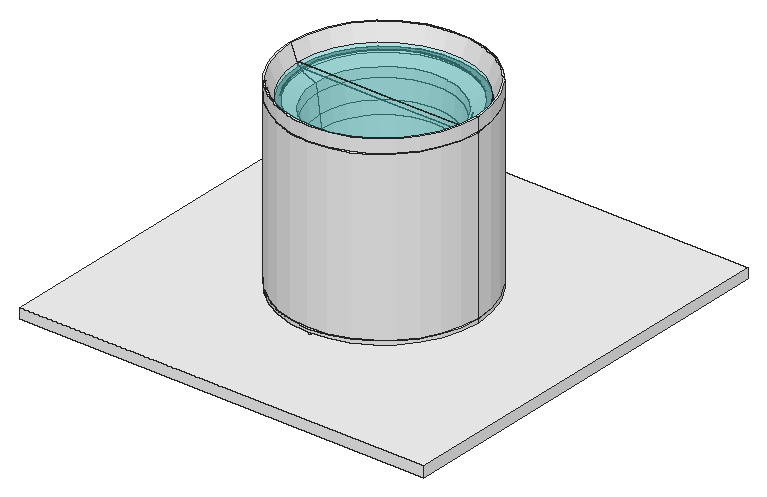
Revit family "BE_24625_de_DE", category Leuchten, Revit 2020
Family settings
  Basisbauteil = Fläche
  Bemaßung runder Anschluss = Durchmesser verwenden
  Teiletyp = Normal
  Beim Laden mit Abzugskörper schneiden = Ja
  Lichtquelle = Ja
  Gemeinsam genutzt = Nein
  Raumberechnungspunkt = Ja
Parameters (values of type "BEGA_24625_Weiß_K4")
  built-in parameter 1150104 = 16.043 (stored number, unit not read)
  Wattage = 35.7 W
  Default Elevation = 0 mm
  built-in parameter 1150113 = 1 (stored number, unit not read)
  built-in parameter 1114218 = 1 (stored number, unit not read)
  Umgebungstemperatur = "25 °C"
  URL = "https://www.bega.com/de/produkt/24625"
  Typenkommentare = "© 2022 BEGA. Wir behalten uns das Recht vor, technische Änderungen ohne vorherige Ankündigung vorzunehmen."  # constant formula
  built-in parameter 1150134 = 12
  built-in parameter 1150109 = 1 (stored number, unit not read)
  Strom = ""
  built-in parameter 1150110 = 1 (stored number, unit not read)
  Spannung = 239.996 V
  Sonderanfertigung = no
  Seriennummer [instance] = "Hier können Sie die eindeutige Seriennummer für das Facility Management eintragen."
  Schutzklasse = "I"
  Schutzart = "IP 65"
  Scheinlast = 0 VA
  Produktdatenblatt = "https://cdn.bega.com/bega/products/24625K4/current/documents/data-sheets/de"
  Oberflächentemperatur = ""
  Neigungswinkel = 0.00°
  Modell = "24625WK4"
  Material_18 = BEGA_Gummi_schwarz
  Material_17 = BEGA_Reflektor
  Material_13 = BEGA_Kunststoff_matt
  Material_09 = BEGA_Glas_klar
  Material_06 = BEGA_Oberfläche_Edelstahl_gebürstet
  Material_03 = BEGA_Oberfläche_Weiss_matt
  Material_01 [instance] = BEGA_Oberfläche_Grafit_matt
  M_W = yes
  M_G = no
  M_A = no
  Logo = 0
  built-in parameter 1114217 = 1 (stored number, unit not read)
  built-in parameter 1150139 = (empty or 0)
  built-in parameter 1150105 = 490.6 (stored number, unit not read)
  built-in parameter 1150114 = 1 (stored number, unit not read)
  Lumens = 6165.03 lm
  built-in parameter 1150115 = 1 (stored number, unit not read)
  Leuchtenlichtstrom = "4141 lm"
  Leuchtenanzahl = ""
  Lebensdauerkriterien = "L70B50 @ 25 °C = 190000 h"
  Lastklassifizierung = Beleuchtung
  built-in parameter 1150112 = 1 (stored number, unit not read)
  Lampenlichtstrom = "6165 lm"
  Lampe = "LED 35.7 W"
  LED_Modulbezeichnung = "LED-0785/840"
  built-in parameter 1150142 = (empty or 0)
  Hersteller = "BEGA"  # constant formula
  Halbstreuwinkel = ""
  Gewicht = "2.65 kg"
  Gebrauchslageneinschränkung [instance] = ""
  Frequenz = "0/50-60 Hz"
  Farbwiedergabeindex = "CRI > 80"
  Farbtemperaturverschiebung bei Dämpfen der Lampe = <Keine Auswahl>
  Farbtemperatur = "4000 K"
  Color Filter = 16777215
  built-in parameter 1150133 = 10 (stored number, unit not read)
  Energieeffizienzklasse = "LED A++ - A"
  built-in parameter 1150137 = (empty or 0)
  built-in parameter 1150132 = (empty or 0)
  ENEC = ""
  Dimmbar [instance] = "DALI"
  Datei für fotometrisches Netz = "BE_24625K4.IES"
  CE_Konformität = "ja"
  Bestellnummer = "24625WK4"
  Beschreibung_Sonderanfertigung = "Hier können Sie Informationen zur Sonderanfertigung eintragen."
  Beschreibung = "Deckenaufbau-Tiefstrahler"
  built-in parameter 1150106 = 4.906 (stored number, unit not read)
  Befestigungsbohrung = "Ø 4,3 mm"
  Befestigungsabstand = "160 mm"
  Ballwurfsicher = ""
  BEGA_Intern_aus = yes
  BEGA_Intern_an = yes
  BEGA_Intern_Konstruktion = yes
  BEGA_Intern = yes
  BEGA_IES = yes
  BEGA_Dummy = no
  Anschlussleitung = ""
  Anschlussleistung [instance] = "38.2 W"
  built-in parameter 1150107 = 4000 (stored number, unit not read)
  built-in parameter 1150102 = (empty or 0)
  built-in parameter 1150138 = (empty or 0)
  Aktualisierung = "2022-05-18T04:00:07"
  Abstand_zur_angestrahlten_Fläche [instance] = ""
  AC/DC = "AC/DC"
Types (4, lengths in mm): name | built-in parameter 1150104 | built-in parameter 1150134 | Modell | M_W | M_G | built-in parameter 1150105 | Lumens | Leuchtenlichtstrom | Lampenlichtstrom | LED_Modulbezeichnung | Farbtemperatur | Datei für fotometrisches Netz | Bestellnummer | built-in parameter 1150106 | built-in parameter 1150107
  BEGA_24625_Weiß_K4 | 16.043 (stored number, unit not read) | 12 | "24625WK4" | yes | no | 490.6 (stored number, unit not read) | 6165.03 lm | "4141 lm" | "6165 lm" | "LED-0785/840" | "4000 K" | "BE_24625K4.IES" | "24625WK4" | 4.906 (stored number, unit not read) | 4000 (stored number, unit not read)
  BEGA_24625_Weiß_K3 | 15.64 (stored number, unit not read) | (empty or 0) | "24625WK3" | yes | no | 478.27 (stored number, unit not read) | 6010.1 lm | "4037 lm" | "6010 lm" | "LED-0785/830" | "3000 K" | "BE_24625K3.IES" | "24625WK3" | 4.7827 (stored number, unit not read) | 3000 (stored number, unit not read)
  BEGA_24625_Grafit_K3 | 15.64 (stored number, unit not read) | (empty or 0) | "24625K3" | no | yes | 478.27 (stored number, unit not read) | 6010.1 lm | "4037 lm" | "6010 lm" | "LED-0785/830" | "3000 K" | "BE_24625K3.IES" | "24625K3" | 4.7827 (stored number, unit not read) | 3000 (stored number, unit not read)
  BEGA_24625_Grafit_K4 | 16.043 (stored number, unit not read) | 12 | "24625K4" | no | yes | 490.6 (stored number, unit not read) | 6165.03 lm | "4141 lm" | "6165 lm" | "LED-0785/840" | "4000 K" | "BE_24625K4.IES" | "24625K4" | 4.906 (stored number, unit not read) | 4000 (stored number, unit not read)
Reference planes
  plane 1 "Mitte (Vorne/Hinten)": y = 0
  plane 2: z = 0
  plane 3 "Mitte (Links/Rechts)": x = 0
  plane 4 "Links": x = -93.494
  plane 5 "Rechts": x = 93.51
  plane 6 "Unten": y = -93.509
  plane 7 "Oben": y = 93.496
  plane 8 "Vorne": z = 184.4
  plane 9 "Hinten": z = 0
Forms (mm)
  Extrusion 1, solid, material "BEGA_Platte_Weiss"
    sketch origin (0, -1119.2, 0) x (1, 0, 0) y (0, 1, 0)
      loop
        line (-200, 1319.2) -> (-200, 919.2) -> (200, 919.2) -> (200, 1319.2) -> (-200, 1319.2)
    from 0 to -10
  Extrusion 2, solid, material "BEGA_Dummy_matt", visible <- "BEGA_Dummy"
    sketch origin (77.149, -76.023, 0) x (1, 0, 0) y (0, 1, 0)
      loop
        circle (-77.149, 76.023) r 93.5
    from 0 to 184.4
Dimensions and locks
  plane 1 "Mitte (Vorne/Hinten)" to Extrusion 1 = 200 mm
  aligned and locked: plane 2 to Extrusion 1
  aligned and locked: level to Extrusion 1
Nested families
  nested 1: "BE_24625" at (0, -30.348, 0), type "BE_24625"
Connectors
  electrical at (0, 0, 0), driven by "Lastklassifizierung", driven by "Spannung", driven by "Scheinlast"
    settings: index 1, voltage 239.996 V, apparent load 0 VA, apparent load phase1 0 VA, apparent load phase2 0 VA, apparent load phase3 0 VA, power factor 1, load classification "Beleuchtung", number of poles 1, system type 31, power factor state 1, is connector primary yes, connector utility no, sub classification motor no, connector description ""
Definition of nested family "BE_24625"
  Parameters (values of type "BE_24625")
    Material_18 = none
    Default Elevation = 1 mm
    URL = "http://www.bega.de/de/produkt"
    Type Comments = "© 2015 BEGA. Wir behalten uns das Recht vor, technische Änderungen ohne vorherige Ankündigung vorzunehmen. "  # constant formula
    Type Image = (empty or 0)
    Neigungswinkel_um_Z2 = 0.00°
    Neigungswinkel_um_Z1 = 0.00°
    Neigungswinkel_um_Y2 = 0.00°
    Neigungswinkel_um_Y1 = 0.00°
    Neigungswinkel_um_X2 = 0.00°
    Neigungswinkel_um_X1 = 0.00°
    Material_17 = none
    Material_15 = none
    Material_13 = none
    Material_11 = none
    Material_09 = none
    Material_06 = none
    Material_03 = none
    Material_02 = none
    Material_01 = none
    M_W = no
    M_G = yes
    M_A = no
    Länge_Platte = 200 mm  # constant formula
    Höhe_Platte = -10 mm  # constant formula
    Manufacturer = "BEGA"  # constant formula
    Drehwinkel_um_Z2 = 0.00°
    Drehwinkel_um_Z1 = 0.00°
    Breite_Platte = 200 mm  # constant formula
  Reference planes
    plane 1 "Mitte (Oben/Unten)": y = 30.348
    plane 2: z = 0
    plane 3 "Mitte (Links/Rechts)": x = 0
    plane 4 "Hinten": z = 0
    plane 5 "Links": x = -93.494
    plane 6 "Rechts": x = 93.51
    plane 7 "Unten": y = -63.161
    plane 8: z = 184.4
    plane 9: y = 123.844
  Forms (mm)
    Extrusion 1, solid, detail levels medium
      sketch origin (0, 0, 0) x (1, 0, 0) y (0, 1, 0)
        loop
          line (-100, 130.348) -> (-100, -69.652) -> (100, -69.652) -> (100, 130.348) -> (-100, 130.348)
      from 0 to -10 <- "Höhe_Platte"
    Revolve 2, solid, material <- "Material_01", visible <- "M_G"
      sketch origin (0, 30.348, 0) x (1, 0, 0) y (0, 0, 1)
        loop
          line (-93.5, 184.4) -> (-93.5, 171.4) -> (-90.5, 171.4) -> (-90.5, 157.9) -> (-86.309, 157.9) -> (-86.309, 163.4) -> (-81, 163.4) -> (-81, 165.9) -> (-84.806, 165.9) -> (-92, 184.4) -> (-93.5, 184.4)
        axis (0, 184.4) -> (0, 157.9)
      angle from 0 to 360
    Revolve 3, solid, material <- "Material_09"
      sketch origin (0, 30.348, 0) x (1, 0, 0) y (0, 0, 1)
        loop
          line (-84.5, 170) -> (-84.5, 165.9) -> (0, 165.9) -> (0, 170) -> (-84.5, 170)
        axis (0, 170) -> (0, 165.9)
      angle from 0 to 360
    Revolve 4, solid, material <- "Material_17"
      sketch origin (0, 30.348, 0) x (1, 0, 0) y (0, 0, 1)
        loop
          line (-67.298, 158.081) -> (-81.5, 163.25) -> (-84.993, 163.25) -> (-84.993, 161.45) -> (-81.5, 161.45) -> (-68.952, 156.883) -> (-65.975, 135.054) -> (-64.388, 123.512)
          arc (-64.388, 123.512) -> (-61.788, 104.602) -> (-58.436, 85.811) r 478.951
          arc (-58.436, 85.811) -> (-56.044, 81.798) -> (-52.313, 78.984) r 12.149
          arc (-52.313, 78.984) -> (-46.14, 76.318) -> (-39.854, 73.925) r 152.874
          line (-39.854, 73.925) -> (-33.098, 73.452) -> (-29.03, 73.452) -> (-29.03, 75.254) -> (-33.052, 75.254) -> (-39.457, 75.702)
          arc (-39.457, 75.702) -> (-45.725, 78.152) -> (-51.819, 81.006) r 103.102
          arc (-51.819, 81.006) -> (-56.463, 86.082) -> (-56.637, 92.96) r 9.82
          arc (-56.637, 92.96) -> (-59.551, 105.872) -> (-61.93, 118.894) r 320.512
          line (-61.93, 118.894) -> (-63.611, 131.069) -> (-66.107, 149.331) -> (-67.298, 158.081)
        axis (0, 163.25) -> (0, 73.452)
      angle from 0 to 360
    Revolve 5, solid, material <- "Material_13"
      sketch origin (0, 30.348, 0) x (1, 0, 0) y (0, 0, 1)
        loop
          line (-30, 101.169) -> (-30.905, 75.25) -> (-28, 75.25) -> (-27.162, 99.25) -> (0, 99.25) -> (0, 103.646) -> (-2.845, 103.646) -> (-4.195, 103.562) -> (-27.008, 101.749) -> (-30, 101.169)
        axis (0, 103.646) -> (0, 75.25)
      angle from 0 to 360
    Revolve 6, solid, material <- "Material_01", visible <- "M_G"
      sketch origin (0, 30.348, 0) x (1, 0, 0) y (0, 0, 1)
        loop
          line (-93.5, 170.4) -> (-93.5, 6) -> (-91.5, 6) -> (-91.5, 170.4) -> (-93.5, 170.4)
        axis (0, 170.4) -> (0, 6)
      angle from 0 to 360
    Revolve 7, solid, material <- "Material_01", visible <- "M_G"
      sketch origin (-80, 30.348, 0) x (1, 0, 0) y (0, 0, 1)
        loop
          line (-7.948, 20) -> (-7.25, 0) -> (0, 0) -> (0, 20) -> (-7.948, 20)
        axis (0, 20) -> (0, 0)
      angle from 0 to 360
    Revolve 8, solid, material <- "Material_01", visible <- "M_G"
      sketch origin (80, 30.348, 0) x (1, 0, 0) y (0, 0, 1)
        loop
          line (-7.948, 20) -> (-7.25, 0) -> (0, 0) -> (0, 20) -> (-7.948, 20)
        axis (0, 20) -> (0, 0)
      angle from 0 to 360
    Revolve 9, void
      sketch origin (-80, 30.348, 0) x (1, 0, 0) y (0, 0, 1)
        loop
          line (0, 50) -> (-2.441, 50) -> (-2.441, -6.32) -> (0, -6.32) -> (0, 50)
        axis (0, 50) -> (0, -6.32)
      angle from 0 to 360
    Revolve 10, void
      sketch origin (80, 30.348, 0) x (1, 0, 0) y (0, 0, 1)
        loop
          line (0, 50.705) -> (0, -12.616) -> (2.373, -12.616) -> (2.373, 50.705) -> (0, 50.705)
        axis (0, 50.705) -> (0, -12.616)
      angle from 0 to 360
    Revolve 11, solid, material <- "Material_03", visible <- "M_W"
      sketch origin (0, 30.348, 0) x (1, 0, 0) y (0, 0, 1)
        loop
          line (-93.5, 184.4) -> (-93.5, 171.4) -> (-90.5, 171.4) -> (-90.5, 157.9) -> (-86.309, 157.9) -> (-86.309, 163.4) -> (-81, 163.4) -> (-81, 165.9) -> (-84.806, 165.9) -> (-92, 184.4) -> (-93.5, 184.4)
        axis (0, 184.4) -> (0, 157.9)
      angle from 0 to 360
    Revolve 12, solid, material <- "Material_03", visible <- "M_W"
      sketch origin (0, 30.348, 0) x (1, 0, 0) y (0, 0, 1)
        loop
          line (-93.5, 170.4) -> (-93.5, 6) -> (-91.5, 6) -> (-91.5, 170.4) -> (-93.5, 170.4)
        axis (0, 170.4) -> (0, 6)
      angle from 0 to 360
    Revolve 13, solid, material <- "Material_03", visible <- "M_W"
      sketch origin (0, 30.348, 0) x (1, 0, 0) y (0, 0, 1)
        loop
          line (-93.5, 5) -> (-93.5, 2) -> (-87.096, 2) -> (-87.096, 20) -> (0, 20) -> (0, 23) -> (-90.5, 23) -> (-90.5, 5) -> (-93.5, 5)
        axis (0, 23) -> (0, 2)
      angle from 0 to 360
    Revolve 14, solid, material <- "Material_03", visible <- "M_W"
      sketch origin (-80, 30.348, 0) x (1, 0, 0) y (0, 0, 1)
        loop
          line (-7.948, 20) -> (-7.25, 0) -> (0, 0) -> (0, 20) -> (-7.948, 20)
        axis (0, 20) -> (0, 0)
      angle from 0 to 360
    Revolve 15, solid, material <- "Material_03", visible <- "M_W"
      sketch origin (80, 30.348, 0) x (1, 0, 0) y (0, 0, 1)
        loop
          line (-7.948, 20) -> (-7.25, 0) -> (0, 0) -> (0, 20) -> (-7.948, 20)
        axis (0, 20) -> (0, 0)
      angle from 0 to 360
    Revolve 16, solid, material <- "Material_01", visible <- "M_G"
      sketch origin (0, 30.348, 0) x (0, -1, 0) y (0, 0, 1)
        loop
          line (-90.5, 0) -> (-90.5, 1.978) -> (-92.284, 1.978) -> (-92.284, 0) -> (-90.5, 0)
        axis (-90.5, 0) -> (-90.5, 1.978)
      angle from 0 to 360
    Revolve 17, solid, material <- "Material_01", visible <- "M_G"
      sketch origin (0, -1.467, -0.001) x (0, 1, 0) y (0, 0, -1)
        loop
          line (-58.661, 0) -> (-60.445, 0) -> (-60.445, -1.978) -> (-58.661, -1.978) -> (-58.661, 0)
        axis (-58.661, 0) -> (-58.661, -1.978)
      angle from 0 to 360
    Revolve 18, solid, material <- "Material_01", visible <- "M_G"
      sketch origin (0, 30.348, 0) x (1, 0, 0) y (0, 0, 1)
        loop
          line (-93.5, 5) -> (-93.5, 2) -> (-87.096, 2) -> (-87.096, 20) -> (0, 20) -> (0, 23) -> (-90.5, 23) -> (-90.5, 5) -> (-93.5, 5)
        axis (0, 23) -> (0, 2)
      angle from 0 to 360
    Revolve 19, solid, material <- "Material_03", visible <- "M_W"
      sketch origin (0, -1.471, 0.011) x (0, 1, 0) y (0, 0, -1)
        loop
          line (-58.661, 0) -> (-60.445, 0) -> (-60.445, -1.978) -> (-58.661, -1.978) -> (-58.661, 0)
        axis (-58.661, 0) -> (-58.661, -1.978)
      angle from 0 to 360
    Revolve 20, solid, material <- "Material_03", visible <- "M_W"
      sketch origin (0, 30.348, 0) x (0, -1, 0) y (0, 0, 1)
        loop
          line (-90.5, -0.045) -> (-90.5, 1.978) -> (-92.284, 1.978) -> (-92.284, -0.045) -> (-90.5, -0.045)
        axis (-90.5, -0.045) -> (-90.5, 1.978)
      angle from 0 to 360
    Extrusion 21, solid, material <- "Material_18"
      sketch origin (0, 0, 0) x (1, 0, 0) y (0, 1, 0)
        loop
          circle (20, 95.348) r 9.944
        loop
          circle (-20, 95.348) r 9.944
      from 18.853 to 26.971
    Revolve 22, solid, material <- "Material_01"
      sketch origin (0, 30.348, 0) x (1, 0, 0) y (0, 0, 1)
        loop
          line (-84.5, 165.9) -> (-79.956, 165.9) -> (-79.956, 166.7) -> (-84.5, 166.7) -> (-84.5, 165.9)
        axis (0, 166.7) -> (0, 165.7)
      angle from 0 to 360
  Cuts and joins
    Revolve 9 cuts Revolve 7
    Revolve 10 cuts Revolve 8
    Revolve 9 cuts Revolve 14
    Revolve 10 cuts Revolve 15
    Revolve 9, Revolve 10 cuts Revolve 18
    Revolve 9 cuts Revolve 13
  Dimensions and locks
    equal spacing: Extrusion 1 sketch curve, plane 3 "Mitte (Links/Rechts)", Extrusion 1 sketch curve
    equal spacing: Extrusion 1 sketch curve, plane 1 "Mitte (Oben/Unten)", Extrusion 1 sketch curve
    "Länge_Platte": Extrusion 1 sketch curve to Extrusion 1 sketch curve
    "Breite_Platte": Extrusion 1 sketch curve to Extrusion 1 sketch curve
    aligned and locked: Extrusion 1 to plane 2
    aligned and locked: level to Extrusion 1
  Automatic sketch dimensions
    Revolve 2 sketch curve to plane 8 = 0 mm
    plane 3 "Mitte (Links/Rechts)" to Revolve 2 sketch curve = 0 mm
    plane 5 "Links" to Revolve 2 sketch curve = 12.494 mm
    Revolve 2 sketch curve to Revolve 2 sketch curve = 3.806 mm
    Revolve 2 sketch curve to Revolve 2 sketch curve = 1.504 mm
    plane 5 "Links" to Revolve 2 sketch curve = 2.994 mm
    plane 5 "Links" to Revolve 2 sketch curve = 1.494 mm
    Revolve 2 sketch curve to plane 5 "Links" = 0.006 mm
    Revolve 2 sketch curve to plane 8 = 13 mm
    Revolve 2 sketch curve to Revolve 2 sketch curve = 5.5 mm  (x2)
    Revolve 2 sketch curve to Revolve 2 sketch curve = 2.5 mm
    Revolve 2 sketch curve to level = 174.158 mm
    plane 8 to Revolve 2 sketch curve = 221.032 mm
    Revolve 3 sketch curve to plane 3 "Mitte (Links/Rechts)" = 0 mm  (x2)
    plane 5 "Links" to Revolve 3 sketch curve = 8.994 mm
    Revolve 3 sketch curve to plane 8 = 18.5 mm
    Revolve 3 sketch curve to Revolve 3 sketch curve = 4.1 mm
    Revolve 3 sketch curve to level = 174.158 mm
    plane 8 to Revolve 3 sketch curve = 221.032 mm
    plane 3 "Mitte (Links/Rechts)" to Revolve 4 sketch curve = 0 mm
    Revolve 4 sketch curve to plane 3 "Mitte (Links/Rechts)" = 5.07 mm
    Revolve 4 sketch curve to plane 3 "Mitte (Links/Rechts)" = 29.03 mm
    Revolve 4 sketch curve to Revolve 4 sketch curve = 4.022 mm
    Revolve 4 sketch curve to Revolve 4 sketch curve = 0.045 mm
    Revolve 4 sketch curve to Revolve 4 sketch curve = 6.405 mm
    Revolve 4 sketch curve to Revolve 4 sketch curve = 0.397 mm
    Revolve 4 sketch curve to Revolve 4 sketch curve = 7.542 mm
    Revolve 4 sketch curve to Revolve 4 sketch curve = 0.356 mm
    plane 5 "Links" to Revolve 4 sketch curve = 31.563 mm
    Revolve 4 sketch curve to Revolve 4 sketch curve = 2.458 mm
    plane 5 "Links" to Revolve 4 sketch curve = 26.196 mm
    Revolve 4 sketch curve to Revolve 4 sketch curve = 1.654 mm
    plane 5 "Links" to Revolve 4 sketch curve = 11.994 mm
    Revolve 4 sketch curve to Revolve 4 sketch curve = 0 mm  (x7)
    Revolve 4 sketch curve to Revolve 4 sketch curve = 3.493 mm
    plane 3 "Mitte (Links/Rechts)" to Revolve 4 sketch curve = 11.377 mm
    Revolve 4 sketch curve to plane 8 = 14.433 mm
    plane 6 "Rechts" to Revolve 4 sketch curve = 160.976 mm
    Revolve 4 sketch curve to plane 8 = 5.118 mm
    Revolve 4 sketch curve to Revolve 4 sketch curve = 156.819 mm
    Revolve 4 sketch curve to plane 8 = 21.15 mm
    Revolve 4 sketch curve to Revolve 4 sketch curve = 1.8 mm
    Revolve 4 sketch curve to Revolve 4 sketch curve = 3.369 mm
    Revolve 4 sketch curve to Revolve 4 sketch curve = 1.198 mm
    Revolve 4 sketch curve to Revolve 4 sketch curve = 33.371 mm
    Revolve 4 sketch curve to Revolve 4 sketch curve = 4.618 mm
    Revolve 4 sketch curve to Revolve 4 sketch curve = 28.984 mm
    Revolve 4 sketch curve to Revolve 4 sketch curve = 0.157 mm
    Revolve 4 sketch curve to Revolve 4 sketch curve = 14.208 mm
    Revolve 4 sketch curve to Revolve 4 sketch curve = 0.448 mm
    Revolve 4 sketch curve to Revolve 4 sketch curve = 1.777 mm
    Revolve 4 sketch curve to Revolve 4 sketch curve = 1.801 mm
    Revolve 4 sketch curve to plane 8 = 11.5 mm
    plane 8 to Revolve 4 sketch curve = 33.558 mm
    Revolve 4 sketch curve to Revolve 4 sketch curve = 4.464 mm
    Revolve 4 sketch curve to Revolve 4 sketch curve = 0.495 mm
    Revolve 4 sketch curve to Revolve 4 sketch curve = 0.776 mm
    Revolve 4 sketch curve to Revolve 4 sketch curve = 2.363 mm
    Revolve 4 sketch curve to Revolve 4 sketch curve = 2.844 mm
    Revolve 4 sketch curve to Revolve 4 sketch curve = 7.552 mm
    Revolve 4 sketch curve to Revolve 4 sketch curve = 11.542 mm
    Revolve 4 sketch curve to Revolve 4 sketch curve = 3.985 mm
    Revolve 4 sketch curve to level = 174.158 mm
    Revolve 4 sketch curve to Revolve 4 sketch curve = 192.155 mm
    Revolve 5 sketch curve to plane 3 "Mitte (Links/Rechts)" = 0 mm  (x2)
    Revolve 5 sketch curve to Revolve 5 sketch curve = 2.845 mm
    Revolve 5 sketch curve to Revolve 5 sketch curve = 1.35 mm
    Revolve 5 sketch curve to Revolve 5 sketch curve = 22.813 mm
    Revolve 5 sketch curve to Revolve 5 sketch curve = 0.154 mm
    Revolve 5 sketch curve to Revolve 5 sketch curve = 0.838 mm
    Revolve 5 sketch curve to Revolve 5 sketch curve = 2.992 mm
    Revolve 5 sketch curve to Revolve 5 sketch curve = 2.905 mm
    level to Revolve 5 sketch curve = 75.25 mm
    Revolve 5 sketch curve to Revolve 5 sketch curve = 24 mm
    Revolve 5 sketch curve to Revolve 5 sketch curve = 1.919 mm
    Revolve 5 sketch curve to Revolve 5 sketch curve = 2.499 mm
    Revolve 5 sketch curve to Revolve 5 sketch curve = 4.312 mm
    Revolve 5 sketch curve to Revolve 5 sketch curve = 0.084 mm
    Revolve 5 sketch curve to level = 271.158 mm
    plane 8 to Revolve 5 sketch curve = 224.032 mm
    plane 3 "Mitte (Links/Rechts)" to Revolve 6 sketch curve = 0 mm
    plane 5 "Links" to Revolve 6 sketch curve = 1.994 mm
    Revolve 6 sketch curve to plane 5 "Links" = 0.006 mm
    level to Revolve 6 sketch curve = 6 mm
    Revolve 6 sketch curve to plane 8 = 14 mm
    Revolve 6 sketch curve to level = 174.158 mm
    plane 8 to Revolve 6 sketch curve = 221.032 mm
    Revolve 7 sketch curve to level = 0 mm
    plane 5 "Links" to Revolve 7 sketch curve = 5.545 mm
    plane 5 "Links" to Revolve 7 sketch curve = 6.244 mm
    Revolve 7 sketch curve to Revolve 7 sketch curve = 7.25 mm
    level to Revolve 7 sketch curve = 20 mm
    plane 5 "Links" to Revolve 7 sketch curve = 13.494 mm
    Revolve 7 sketch curve to Revolve 7 sketch curve = 271.158 mm
    plane 8 to Revolve 7 sketch curve = 224.032 mm
    Revolve 8 sketch curve to level = 0 mm
    Revolve 8 sketch curve to plane 6 "Rechts" = 21.459 mm
    Revolve 8 sketch curve to Revolve 8 sketch curve = 0.698 mm
    Revolve 8 sketch curve to Revolve 8 sketch curve = 7.25 mm
    level to Revolve 8 sketch curve = 20 mm
    Revolve 8 sketch curve to plane 6 "Rechts" = 13.51 mm
    Revolve 8 sketch curve to Revolve 8 sketch curve = 271.158 mm
    plane 8 to Revolve 8 sketch curve = 224.032 mm
    plane 5 "Links" to Revolve 9 sketch curve = 11.052 mm
    Revolve 9 sketch curve to Revolve 9 sketch curve = 2.441 mm
    Revolve 9 sketch curve to level = 6.32 mm
    level to Revolve 9 sketch curve = 50 mm
    plane 5 "Links" to Revolve 9 sketch curve = 13.494 mm
    Revolve 9 sketch curve to Revolve 9 sketch curve = 264.837 mm
    plane 8 to Revolve 9 sketch curve = 224.032 mm
    Revolve 10 sketch curve to plane 6 "Rechts" = 13.51 mm  (x2)
    Revolve 10 sketch curve to Revolve 10 sketch curve = 2.373 mm
    Revolve 10 sketch curve to level = 12.616 mm
    level to Revolve 10 sketch curve = 50.705 mm
    Revolve 10 sketch curve to Revolve 10 sketch curve = 258.542 mm
    plane 8 to Revolve 10 sketch curve = 224.032 mm
    Revolve 11 sketch curve to plane 8 = 0 mm
    plane 3 "Mitte (Links/Rechts)" to Revolve 11 sketch curve = 0 mm
    plane 5 "Links" to Revolve 11 sketch curve = 12.494 mm
    Revolve 11 sketch curve to Revolve 11 sketch curve = 3.806 mm
    Revolve 11 sketch curve to Revolve 11 sketch curve = 1.504 mm
    plane 5 "Links" to Revolve 11 sketch curve = 2.994 mm
    plane 5 "Links" to Revolve 11 sketch curve = 1.494 mm
    Revolve 11 sketch curve to plane 5 "Links" = 0.006 mm
    Revolve 11 sketch curve to plane 8 = 13 mm
    Revolve 11 sketch curve to Revolve 11 sketch curve = 5.5 mm  (x2)
    Revolve 11 sketch curve to Revolve 11 sketch curve = 2.5 mm
    Revolve 11 sketch curve to level = 174.158 mm
    plane 8 to Revolve 11 sketch curve = 221.032 mm
    plane 3 "Mitte (Links/Rechts)" to Revolve 12 sketch curve = 0 mm
    plane 5 "Links" to Revolve 12 sketch curve = 1.994 mm
    Revolve 12 sketch curve to plane 5 "Links" = 0.006 mm
    level to Revolve 12 sketch curve = 6 mm
    Revolve 12 sketch curve to plane 8 = 14 mm
    Revolve 12 sketch curve to level = 174.158 mm
    plane 8 to Revolve 12 sketch curve = 221.032 mm
    Revolve 13 sketch curve to plane 3 "Mitte (Links/Rechts)" = 0 mm  (x2)
    plane 5 "Links" to Revolve 13 sketch curve = 6.397 mm
    plane 5 "Links" to Revolve 13 sketch curve = 2.994 mm
    Revolve 13 sketch curve to plane 5 "Links" = 0.006 mm
    level to Revolve 13 sketch curve = 2 mm
    Revolve 13 sketch curve to Revolve 13 sketch curve = 3 mm  (x2)
    level to Revolve 13 sketch curve = 20 mm
    Revolve 13 sketch curve to level = 174.158 mm
    plane 8 to Revolve 13 sketch curve = 221.032 mm
    Revolve 14 sketch curve to level = 0 mm
    plane 5 "Links" to Revolve 14 sketch curve = 5.545 mm
    plane 5 "Links" to Revolve 14 sketch curve = 6.244 mm
    Revolve 14 sketch curve to Revolve 14 sketch curve = 7.25 mm
    level to Revolve 14 sketch curve = 20 mm
    plane 5 "Links" to Revolve 14 sketch curve = 13.494 mm
    Revolve 14 sketch curve to Revolve 14 sketch curve = 174.158 mm
    plane 8 to Revolve 14 sketch curve = 221.032 mm
    Revolve 15 sketch curve to level = 0 mm
    Revolve 15 sketch curve to plane 6 "Rechts" = 21.459 mm
    Revolve 15 sketch curve to Revolve 15 sketch curve = 0.698 mm
    Revolve 15 sketch curve to Revolve 15 sketch curve = 7.25 mm
    level to Revolve 15 sketch curve = 20 mm
    Revolve 15 sketch curve to plane 6 "Rechts" = 13.51 mm
    Revolve 15 sketch curve to Revolve 15 sketch curve = 174.158 mm
    plane 8 to Revolve 15 sketch curve = 221.032 mm
    level to Revolve 16 sketch curve = 0 mm
    Revolve 16 sketch curve to Revolve 16 sketch curve = 1.784 mm
    Revolve 16 sketch curve to Revolve 16 sketch curve = 1.978 mm
    Revolve 16 sketch curve to Revolve 16 sketch curve = 0 mm
    Revolve 16 sketch curve to level = 2 mm
    Revolve 16 sketch curve to Revolve 16 sketch curve = 2.022 mm
    Revolve 17 sketch curve to level = 0.001 mm
    plane 7 "Unten" to Revolve 17 sketch curve = 1.249 mm
    Revolve 17 sketch curve to Revolve 17 sketch curve = 1.784 mm
    Revolve 17 sketch curve to Revolve 17 sketch curve = 1.978 mm
    Revolve 17 sketch curve to Revolve 17 sketch curve = 0 mm
    Revolve 17 sketch curve to Revolve 17 sketch curve = 2.022 mm
    Revolve 17 sketch curve to level = 2.001 mm
    Revolve 18 sketch curve to plane 3 "Mitte (Links/Rechts)" = 0 mm  (x2)
    plane 5 "Links" to Revolve 18 sketch curve = 6.397 mm
    plane 5 "Links" to Revolve 18 sketch curve = 2.994 mm
    Revolve 18 sketch curve to plane 5 "Links" = 0.006 mm
    level to Revolve 18 sketch curve = 2 mm
    Revolve 18 sketch curve to Revolve 18 sketch curve = 3 mm  (x2)
    level to Revolve 18 sketch curve = 20 mm
    Revolve 18 sketch curve to level = 174.158 mm
    plane 8 to Revolve 18 sketch curve = 221.032 mm
    level to Revolve 19 sketch curve = 0.011 mm
    plane 7 "Unten" to Revolve 19 sketch curve = 1.246 mm
    Revolve 19 sketch curve to Revolve 19 sketch curve = 1.784 mm
    Revolve 19 sketch curve to Revolve 19 sketch curve = 1.978 mm
    Revolve 19 sketch curve to Revolve 19 sketch curve = 0 mm
    Revolve 19 sketch curve to Revolve 19 sketch curve = 2.022 mm
    Revolve 19 sketch curve to level = 1.989 mm
    Revolve 20 sketch curve to level = 0.045 mm
    Revolve 20 sketch curve to Revolve 20 sketch curve = 1.784 mm
    Revolve 20 sketch curve to Revolve 20 sketch curve = 2.023 mm
    Revolve 20 sketch curve to Revolve 20 sketch curve = 0 mm
    Revolve 20 sketch curve to level = 2 mm
    Revolve 20 sketch curve to Revolve 20 sketch curve = 2.022 mm
    Revolve 16 sketch curve to plane 1 "Mitte (Oben/Unten)" = 92.283 mm
    Revolve 20 sketch curve to plane 1 "Mitte (Oben/Unten)" = 92.283 mm
    Extrusion 21 sketch curve to plane 3 "Mitte (Links/Rechts)" = 20 mm
    plane 3 "Mitte (Links/Rechts)" to Extrusion 21 sketch curve = 20 mm
    Extrusion 21 sketch curve to plane 9 = 28.496 mm  (x2)
    Revolve 22 sketch curve to plane 3 "Mitte (Links/Rechts)" = 0 mm
    plane 5 "Links" to Revolve 22 sketch curve = 13.537 mm
    Revolve 22 sketch curve to Revolve 22 sketch curve = 4.544 mm
    Revolve 22 sketch curve to plane 8 = 18.5 mm
    Revolve 22 sketch curve to Revolve 22 sketch curve = 0.8 mm
    Revolve 22 sketch curve to plane 8 = 38.023 mm
    Revolve 22 sketch curve to plane 8 = 6.706 mm
    radius of Extrusion 21 sketch curve = 9.944 mm  (x2)
